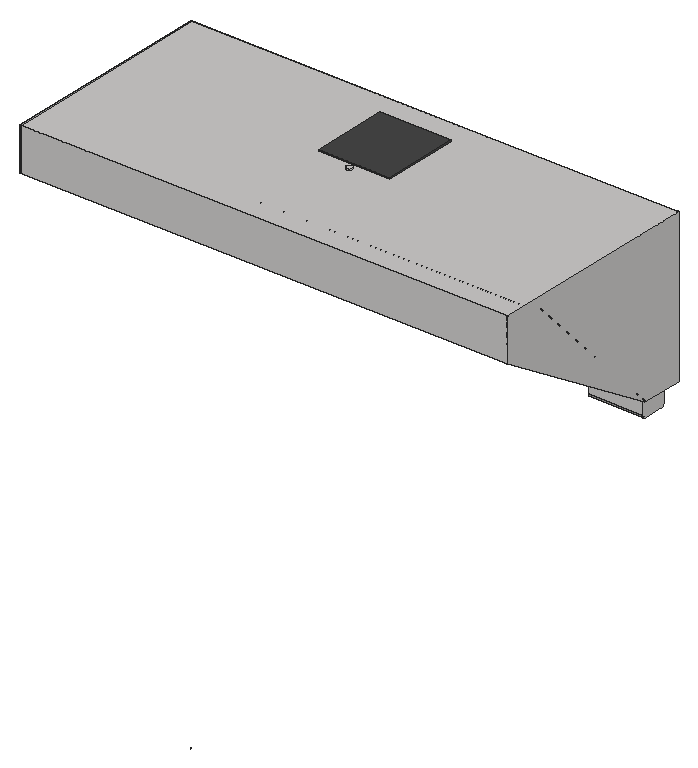
Revit family "QF_ELECTROLUXPROFESSIONAL_644200_AMPV716DT", category Specialty Equipment, Revit 2014
Reference planes
  plane 1: z = 0
  plane 2 "Center (Left/Right)": x = 150
  plane 3 "LEFT": x = -650
  plane 4 "RIGHT": x = 950
  plane 5 "BACK": y = 550
  plane 6 "Plane": z = 2000
  plane 7 "TOP": z = 2140
  plane 8 "Base": z = 1640
  plane 9: z = 1566
  plane 10 "DrainY": y = 485
  plane 11: x = -647
  plane 12: through (0, 414.509, 1640.8) normal (0, 0.7314, 0.682)
  plane 13: y = 470
  plane 14: y = 220
  plane 15 "DrainX": x = 830
  plane 16: x = 33.5
  plane 17: x = 266.5
  plane 18: x = 947
  plane 19: x = 740
  plane 20: x = 920
  plane 21: x = -450
  plane 22: x = 750
  plane 23: x = -47.5
  plane 24: x = 347.5
  plane 25 "FRONT": y = -150
  plane 26 "Center (Front/Back)": y = 200
Forms (mm)
  Extrusion 1, solid, material "QF_Finishes_Stainless Steel"
    sketch origin (-650, 0, 0) x (0, 1, 0) y (0, 0, 1)
      loop
        line (550, 1640) -> (550, 2140) -> (-150, 2140) -> (-150, 1998.603) -> (413.973, 1640) -> (550, 1640)
    from 0 to 3
  Extrusion 2, solid, material "QF_Finishes_Stainless Steel"
    sketch origin (150, 0, 0) x (0, 1, 0) y (0, 0, 1)
      loop
        line (415.255, 1640) -> (550, 1640) -> (550, 2139.19) -> (549.2, 2139.19) -> (549.2, 1640.8) -> (415.876, 1640.8) -> (339.347, 1722.867) -> (349.609, 1732.436) -> (348.927, 1733.167) -> (337.934, 1722.917) -> (415.255, 1640)
      loop
        line (-82.203, 2139.19) -> (-82.203, 2118.6) -> (-31.047, 2118.6) -> (34.354, 2048.466) -> (46.028, 2059.352) -> (45.346, 2060.083) -> (34.403, 2049.879) -> (-30.612, 2119.6) -> (-81.203, 2119.6) -> (-81.203, 2139.19) -> (-82.203, 2139.19)
    from -797 to 797
  Extrusion 3, solid, material "QF_Finishes_Stainless Steel"
    sketch origin (950, 0, 0) x (0, 1, 0) y (0, 0, 1)
      loop
        line (550, 1640) -> (550, 2140) -> (-150, 2140) -> (-150, 1998.603) -> (413.973, 1640) -> (550, 1640)
    from 0 to -3
  Extrusion 4, solid, material "QF_Finishes_Stainless Steel"
    sketch origin (150, 0, 0) x (0, 1, 0) y (0, 0, 1)
      loop
        line (-150, 2140) -> (-150, 2000) -> (-149.2, 2000) -> (-149.2, 2139.19) -> (550, 2139.19) -> (550, 2140) -> (-150, 2140)
    from -800 to 800
  Extrusion 5, solid, material "QF_Finishes_Stainless Steel"
    sketch origin (150, 0, 0) x (0, 1, 0) y (0, 0, 1)
      loop
        line (534, 1640) -> (436, 1640) -> (436, 1627) -> (443.5, 1627) -> (443.5, 1576)
        arc (443.5, 1576) -> (446.429, 1568.929) -> (453.5, 1566) r 10
        line (453.5, 1566) -> (516.5, 1566)
        arc (516.5, 1566) -> (523.571, 1568.929) -> (526.5, 1576) r 10
        line (526.5, 1576) -> (526.5, 1627) -> (534, 1627) -> (534, 1640)
    from 590 to 770
  Extrusion 6, solid, material "QF_Finishes_Stainless Steel"
    sketch origin (0, 0, 1640) x (0, 1, 0) y (-1, 0, 0)
      loop
        circle (485, -830) r 20
    from -76 to -74
  Extrusion 7, solid, material "QF_Finished_Chrome"
    sketch origin (150, 0, 0) x (0, 1, 0) y (0, 0, 1)
      loop
        line (337.934, 1722.917) -> (341.591, 1726.327) -> (38.011, 2051.876) -> (34.354, 2048.466) -> (337.934, 1722.917)
    from -197.5 to -600
  Extrusion 8, solid, material "QF_Finishes_Stainless Steel"
    sketch origin (150, 0, 0) x (0, 1, 0) y (0, 0, 1)
      loop
        line (337.934, 1722.917) -> (341.591, 1726.327) -> (38.011, 2051.876) -> (34.354, 2048.466) -> (337.934, 1722.917)
    from 797 to 600
  Extrusion 9, solid, material "QF_Finished_Chrome"
    sketch origin (150, 0, 0) x (0, 1, 0) y (0, 0, 1)
      loop
        line (341.588, 1726.324) -> (38.009, 2051.874) -> (34.354, 2048.466) -> (337.934, 1722.917) -> (341.588, 1726.324)
    from 197.5 to 600
  Extrusion 10, solid, material "QF_Finishes_Black"
    sketch origin (0, 0, 2140) x (0, 1, 0) y (-1, 0, 0)
      loop
        line (470, -266.5) -> (470, -33.5) -> (220, -33.5) -> (220, -266.5) -> (470, -266.5)
    from 5 to 0
  Extrusion 11, solid, material "QF_Finishes_Stainless Steel"
    sketch origin (0, 0, 0) x (1, 0, 0) y (0, 1, 0)
      loop
        line (-650, 550) -> (-650, 549) -> (-649, 549) -> (-649, 550) -> (-650, 550)
    from 0 to 1
  Extrusion 12, solid, material "QF_Finishes_Stainless Steel"
    sketch origin (150, 0, 0) x (0, 1, 0) y (0, 0, 1)
      loop
        line (337.934, 1722.917) -> (341.591, 1726.327) -> (38.011, 2051.876) -> (34.354, 2048.466) -> (337.934, 1722.917)
    from -600 to -797
  Extrusion 13, solid, material "QF_Finishes_Stainless Steel"
    sketch origin (150, 0, 0) x (0, 1, 0) y (0, 0, 1)
      loop
        line (337.934, 1722.917) -> (341.591, 1726.327) -> (38.011, 2051.876) -> (34.354, 2048.466) -> (337.934, 1722.917)
    from 197.5 to -197.5
  Extrusion 14, solid, material "QF_Finishes_Stainless Steel"
    sketch origin (0, 0, 2140) x (0, 1, 0) y (-1, 0, 0)
      loop
        circle (200, -150) r 10
    from 0 to 2
Cuts and joins
  joined: Extrusion 2, Extrusion 4
Lines and regions (mm)
  reference lines
    curve 1: line (150, 34.354, 2048.466) -> (150, 34.354, 1888.466)
  symbolic lines, style "SpecialityEquipment", detail levels coarse
    curve 2: line (950, 550, 2140) -> (-650, 550, 2140)
    curve 3: line (-650, 550, 2140) -> (-650, -150, 2140)
    curve 4: line (950, -150, 2140) -> (950, 550, 2140)
    curve 5: line (-650, -150, 2140) -> (950, -150, 2140)
    curve 6: line (266.5, 220, 2140) -> (33.5, 220, 2140)
    curve 7: line (266.5, 470, 2140) -> (266.5, 220, 2140)
    curve 8: line (33.5, 470, 2140) -> (266.5, 470, 2140)
    curve 9: line (33.5, 220, 2140) -> (33.5, 470, 2140)
    curve 10: line (-650, -150, 2140) -> (950, 550, 2140)
    curve 11: line (-650, 550, 2140) -> (950, -150, 2140)
Dimensions and locks
  plane 3 "LEFT" to plane 4 "RIGHT" = 1600 mm
  equal spacing: plane 3 "LEFT", plane 2 "Center (Left/Right)", plane 4 "RIGHT"
  locked: plane 6 "Plane" to level at 2000
  plane 7 "TOP" to plane 6 "Plane" = 140 mm
  locked: plane 7 "TOP" to plane 8 "Base" at 500
  plane 8 "Base" to plane 9 = 74 mm
  plane 5 "BACK" to plane 10 "DrainY" = 65 mm  (x2)
  plane 3 "LEFT" to plane 11 = 3 mm
  plane 5 "BACK" to plane 13 = 80 mm
  plane 13 to plane 14 = 250 mm  (x2)
  plane 15 "DrainX" to plane 4 "RIGHT" = 120 mm
  plane 18 to plane 4 "RIGHT" = 3 mm
  locked: plane 19 to plane 15 "DrainX" at 90
  locked: plane 15 "DrainX" to plane 20 at 90
  plane 13 to plane 5 "BACK" = 80 mm
  plane 3 "LEFT" to plane 21 = 200 mm
  plane 22 to plane 4 "RIGHT" = 200 mm
  locked: plane 23 to plane 24 at 395
  equal spacing: plane 23, plane 2 "Center (Left/Right)", plane 24
  locked: plane 16 to plane 17 at 233
  equal spacing: plane 16, plane 2 "Center (Left/Right)", plane 17
  locked: plane 5 "BACK" to plane 25 "FRONT" at 700
  equal spacing: plane 5 "BACK", plane 26 "Center (Front/Back)", plane 25 "FRONT"
  plane 5 "BACK" to plane 25 "FRONT" = 700 mm
  aligned and locked: level to plane 1
  aligned and locked: Extrusion 2 to Extrusion 1
  aligned and locked: Extrusion 2 to Extrusion 3
  aligned and locked: plane 4 "RIGHT" to Extrusion 4
  aligned and locked: Extrusion 4 to plane 3 "LEFT"
  aligned and locked: plane 18 to Extrusion 8
  aligned and locked: Extrusion 10 to plane 16
  aligned and locked: Extrusion 10 to plane 14
  aligned and locked: Extrusion 10 to plane 13
  aligned and locked: Extrusion 2 to Extrusion 4
  aligned and locked: plane 20 to Extrusion 5
  aligned and locked: Extrusion 5 to plane 19
  aligned and locked: Extrusion 8 to plane 22
  aligned and locked: Extrusion 9 to plane 22
  aligned and locked: Extrusion 7 to plane 21
  aligned and locked: Extrusion 12 to plane 11
  aligned and locked: plane 21 to Extrusion 12
  aligned and locked: Extrusion 3 to plane 18
  aligned and locked: Extrusion 10 to plane 17
  aligned and locked: plane 17 to curve 7
  aligned and locked: plane 24 to Extrusion 13
  aligned and locked: Extrusion 13 to plane 23
  aligned and locked: Extrusion 9 to plane 24
Automatic sketch dimensions
  Extrusion 1 sketch curve to plane 8 "Base" = 0 mm
  Extrusion 1 sketch curve to plane 5 "BACK" = 0 mm
  Extrusion 1 sketch curve to plane 7 "TOP" = 0 mm
  plane 13 to Extrusion 1 sketch curve = 56.027 mm
  Extrusion 1 sketch curve to plane 6 "Plane" = 1.397 mm
  Extrusion 2 sketch curve to plane 12 = 0 mm  (x3)
  Extrusion 2 sketch curve to plane 8 "Base" = 0 mm
  plane 12 to Extrusion 2 sketch curve = 0 mm
  Extrusion 2 sketch curve to plane 5 "BACK" = 0 mm
  Extrusion 2 sketch curve to Extrusion 2 sketch curve = 65.646 mm
  Extrusion 2 sketch curve to Extrusion 2 sketch curve = 0.682 mm  (x2)
  Extrusion 2 sketch curve to Extrusion 2 sketch curve = 10.261 mm
  plane 8 "Base" to Extrusion 2 sketch curve = 82.917 mm
  Extrusion 2 sketch curve to Extrusion 2 sketch curve = 10.942 mm
  Extrusion 2 sketch curve to Extrusion 2 sketch curve = 0.049 mm
  Extrusion 2 sketch curve to plane 7 "TOP" = 20.4 mm
  Extrusion 2 sketch curve to plane 7 "TOP" = 21.4 mm
  Extrusion 2 sketch curve to plane 7 "TOP" = 0.81 mm  (x2)
  Extrusion 2 sketch curve to Extrusion 2 sketch curve = 50.156 mm
  Extrusion 2 sketch curve to Extrusion 2 sketch curve = 1 mm
  plane 8 "Base" to Extrusion 2 sketch curve = 0.8 mm
  Extrusion 2 sketch curve to plane 5 "BACK" = 0.8 mm
  Extrusion 4 sketch curve to plane 6 "Plane" = 0 mm
  Extrusion 4 sketch curve to plane 5 "BACK" = 0 mm
  Extrusion 4 sketch curve to plane 7 "TOP" = 0 mm
  Extrusion 4 sketch curve to plane 7 "TOP" = 0.81 mm
  curve 1 to plane 12 = 0 mm
  curve 1 to plane 6 "Plane" = 111.534 mm
  Extrusion 5 sketch curve to plane 8 "Base" = 0 mm
  Extrusion 5 sketch curve to plane 9 = 0 mm
  Extrusion 5 sketch curve to plane 8 "Base" = 13 mm  (x2)
  plane 13 to Extrusion 5 sketch curve = 34 mm
  Extrusion 5 sketch curve to Extrusion 5 sketch curve = 7.5 mm  (x2)
  Extrusion 5 sketch curve to Extrusion 5 sketch curve = 10 mm
  plane 10 "DrainY" to Extrusion 5 sketch curve = 31.5 mm
  Extrusion 5 sketch curve to plane 5 "BACK" = 23.5 mm
  Extrusion 6 sketch curve to plane 10 "DrainY" = 0 mm
  Extrusion 6 sketch curve to plane 15 "DrainX" = 0 mm
  Extrusion 7 sketch curve to plane 12 = 0 mm  (x2)
  Extrusion 7 sketch curve to Extrusion 7 sketch curve = 3.657 mm
  plane 8 "Base" to Extrusion 7 sketch curve = 82.917 mm
  Extrusion 8 sketch curve to plane 12 = 0 mm  (x2)
  Extrusion 8 sketch curve to Extrusion 8 sketch curve = 3.657 mm
  plane 8 "Base" to Extrusion 8 sketch curve = 82.917 mm
  Extrusion 9 sketch curve to plane 12 = 0 mm  (x2)
  Extrusion 9 sketch curve to Extrusion 9 sketch curve = 3.655 mm
  plane 8 "Base" to Extrusion 9 sketch curve = 82.917 mm
  Extrusion 10 sketch curve to plane 14 = 0 mm
  plane 13 to Extrusion 10 sketch curve = 0 mm
  Extrusion 10 sketch curve to plane 17 = 0 mm
  Extrusion 10 sketch curve to plane 16 = 0 mm
  Extrusion 11 sketch curve to plane 3 "LEFT" = 0 mm
  Extrusion 11 sketch curve to plane 5 "BACK" = 0 mm
  plane 3 "LEFT" to Extrusion 11 sketch curve = 1 mm
  Extrusion 11 sketch curve to Extrusion 11 sketch curve = 1 mm
  Extrusion 12 sketch curve to plane 12 = 0 mm  (x2)
  Extrusion 12 sketch curve to Extrusion 12 sketch curve = 3.657 mm
  plane 8 "Base" to Extrusion 12 sketch curve = 82.917 mm
  Extrusion 13 sketch curve to plane 12 = 0 mm  (x2)
  Extrusion 13 sketch curve to Extrusion 13 sketch curve = 3.657 mm
  plane 8 "Base" to Extrusion 13 sketch curve = 82.917 mm
  Extrusion 4 sketch curve to Extrusion 4 sketch curve = 0.8 mm
  Extrusion 1 sketch curve to plane 14 = 370 mm
  plane 6 "Plane" to Extrusion 2 sketch curve = 48.466 mm
  Extrusion 4 sketch curve to plane 14 = 369.2 mm
  curve 1 to plane 14 = 185.646 mm
  plane 6 "Plane" to Extrusion 7 sketch curve = 51.876 mm
  plane 6 "Plane" to Extrusion 8 sketch curve = 51.876 mm
  plane 6 "Plane" to Extrusion 9 sketch curve = 51.874 mm
  plane 6 "Plane" to Extrusion 12 sketch curve = 51.876 mm
  plane 6 "Plane" to Extrusion 13 sketch curve = 51.876 mm
  Extrusion 3 sketch curve to plane 7 "TOP" = 0 mm
  Extrusion 3 sketch curve to plane 8 "Base" = 0 mm
  Extrusion 3 sketch curve to plane 5 "BACK" = 0 mm
  Extrusion 3 sketch curve to plane 25 "FRONT" = 0 mm
  plane 13 to Extrusion 3 sketch curve = 56.027 mm
  Extrusion 3 sketch curve to plane 6 "Plane" = 1.397 mm
  Extrusion 14 sketch curve to plane 2 "Center (Left/Right)" = 0 mm
  Extrusion 14 sketch curve to plane 26 "Center (Front/Back)" = 0 mm
  curve 11 to plane 4 "RIGHT" = 0 mm
  curve 10 to plane 3 "LEFT" = 0 mm
  curve 10 to plane 25 "FRONT" = 0 mm
  curve 7 to plane 14 = 0 mm
  plane 13 to curve 7 = 0 mm
  curve 3 to plane 5 "BACK" = 0 mm
  curve 6 to plane 16 = 0 mm
  radius of Extrusion 6 sketch curve = 20 mm
  radius of Extrusion 14 sketch curve = 10 mm
Connectors
  piping at (830, 485, 1564), diameter 20
    settings: on Extrusion 6, index 1, connector inside diameter 609.6 mm, connector length 0 mm, flow factor 0, pipe flow 0.0 L/s, pressure drop 0.0 Pa, fitting loss kfactor 0, connector angle 0.00°, fixture units 0, engagement length 0 mm, angle of deflection 0.00°, flow configuration 1, flow direction 2, fitting loss method 0, system type 16, joint type 0, gender type 0, connector reference index -1, connector utility 0, adjustable connector no, is connector primary yes, connector description "Drain"
  hvac at (150, 345, 2145)
    settings: on Extrusion 10, index 2, duct flow 0.0 L/s, flow factor 0, pres drop 0.0 Pa, loss coef 0, conn angle 0.00°, conn width 250 mm, conn height 233 mm, conn diameter 609.6 mm, duct sys type 3, conn prof type 1, flow config 1, flow direction 0, loss method 0, conn ref index -1, conn util no, is conn primary yes, conn desc "EXHAUST OUTLET"
  electrical at (150, 200, 2142)
    settings: on Extrusion 14, index 3, voltage 0 V, apparent load 0 VA, apparent load phase1 0 VA, apparent load phase2 0 VA, apparent load phase3 0 VA, power factor 1, load classification "Other", number of poles 1, system type 31, power factor state 1, is connector primary yes, connector utility no, sub classification motor no, connector description "Electrical Connection"
